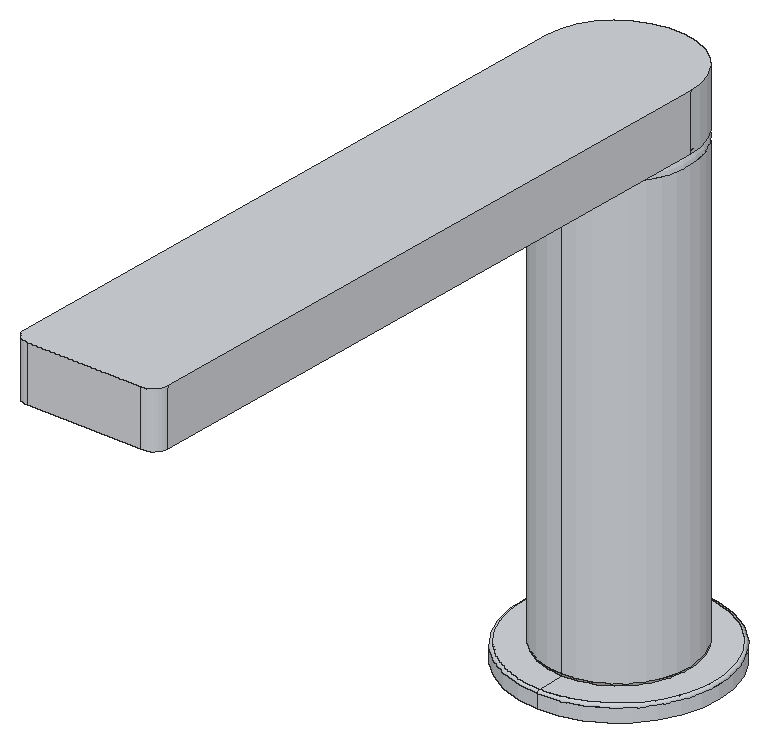
Revit family "Faucet_Touchless-Lavatory-KOHLER-Composed-K-104C37", category Plumbing Fixtures, host Face, Revit 2015
Parameters (values of type "CP-Polished Chrome")
  Width = 2"  # constant formula
  WaterSense Certified = 1 = 0  # no
  Waste Water Outlet = "Waste Water Outlet"  # constant formula
  Waste Connection = 1 = 0  # no
  Vent Connection = 1 = 0  # no
  URL = "https://www.us.kohler.com/us/"
  Spout Reach = Length  # 5 13/16"
  Product Page URL = "http://www.us.kohler.com/us/catalog/productDetails.jsp?productNumber=104C37-SANA"
  Product Name = "Composed"  # constant formula
  Product Documentation Link = "https://www.us.kohler.com/webassets/kpna/catalog/pdf/en/K-104C37-SANA_spec.pdf"
  Pressure = 60.00 psi  # constant formula
  Model = "K-104C37-SANA-CP"  # constant formula
  Material = "Metal Construction"  # constant formula
  MasterFormat 2004 = "22.41.39"  # constant formula
  MasterFormat 1995 = "15410"  # constant formula
  Manufacturer Address = "444 Highland Dr, Kohler, WI 53044"  # constant formula
  Manufacturer = "KOHLER Co."  # constant formula
  Length = 5 13/16"  # constant formula
  Hot Water Inlet = "Hot Water Inlet"  # constant formula
  Height = 5 1/2"  # constant formula
  HW Connection = 1 = 1  # yes
  Flow Rate = 0.5 GPM  # constant formula
  Finish = Kohler-Metal-CP-Polished_Chrome
  Environmental Product Declaration = ""
  Drain Included = 1 = 1  # yes
  Description = "Touchless bathroom sink faucet with Kinesis sensor technology and mixer, DC-powered"  # constant formula
  Default Elevation = 36"
  Declare Label = ""
  Date Modified = "01/29/2019"  # constant formula
  Date Created = "01/29/2019"  # constant formula
  Copyright = "Copyright KOHLER Co."  # constant formula
  Contact Us = "https://www.us.kohler.com/us/static/contact.jsp"
  Cold Water Inlet = "Cold Water Inlet"  # constant formula
  CW Connection = 1 = 1  # yes
  Assembly Code = "D2010"
  ADA Compliant = 1 = 1  # yes
Reference planes (in)
  plane 1 "Center (Front/Back)": y = 0
  plane 2: z = 0
  plane 3 "Center (Left/Right)": x = 0
  plane 4: x = -1
  plane 5: x = 1
  plane 6: z = 5.5
  plane 7: z = 4.875
  plane 8: y = -5.8125
  plane 9: y = 1
  plane 10: y = -1
Dimensions and locks (in)
  "Width": plane 4 to plane 5
  "Length": plane 1 "Center (Front/Back)" to plane 8
  "Height": plane 6 to plane 2
  locked: plane 7 to plane 2 at 4.875
  aligned and locked: host face to plane 2
  aligned and locked: host face to level
Automatic sketch dimensions
  host sketch curve to host sketch curve = 96"  (x2)
Nested families (in)
  nested 1: "K-104C37" at (0, 0, 0), type "K-104C37"
Connectors (in)
  piping at (-0.2759699, 0, 0), diameter 0.375, driven by "Flow Rate", driven by "Pressure", driven by "HW Connection", driven by "Cold Water Inlet"
    settings: on nested 1, index 1, connector inside diameter 24", connector length 0", flow factor 0, pipe flow 0.5 GPM, pressure drop 60.00 psi, fitting loss kfactor 0, connector angle 0.00°, fixture units 0, engagement length 0", angle of deflection 0.00°, flow configuration 1, flow direction 1, fitting loss method 4, system type 19, joint type 0, gender type 0, connector reference index -1, connector utility 1, adjustable connector no, is connector primary yes, connector description "Cold Water Inlet"
  piping at (0.2759699, 0, 0), diameter 0.375, driven by "Flow Rate", driven by "Pressure", driven by "CW Connection", driven by "Cold Water Inlet"
    settings: on nested 1, index 2, connector inside diameter 24", connector length 0", flow factor 0, pipe flow 0.5 GPM, pressure drop 60.00 psi, fitting loss kfactor 0, connector angle 0.00°, fixture units 0, engagement length 0", angle of deflection 0.00°, flow configuration 1, flow direction 1, fitting loss method 4, system type 20, joint type 0, gender type 0, connector reference index -1, connector utility 1, adjustable connector no, is connector primary no, connector description "Cold Water Inlet"
Definition of nested family "K-104C37"
  Parameters (values of type "K-104C37")
    Material = none
  Reference planes (in)
    plane 1 "Center (Front/Back)": y = 0
    plane 2: z = 0
    plane 3 "Center (Left/Right)": x = 0
    plane 4: x = -1
    plane 5: x = 1
    plane 6: y = 1
    plane 7: y = -1
    plane 8: y = -5.8125
    plane 9: z = 5.5
    plane 10: z = 4.875
  Forms (in)
    Revolve 1, solid, material <- "Material", detail levels medium+fine
      sketch origin (0, 0, 0) x (0, 1, 0) y (0, 0, 1)
        loop
          line (0, 0) -> (0, 4.7824803) -> (-0.544109, 4.7824803)
          arc (-0.544109, 4.7824803) -> (-0.6604651, 4.734284) -> (-0.7086614, 4.6179279) r 0.1645524
          line (-0.7086614, 4.6179279) -> (-0.7086614, 0.18107)
          arc (-0.7086614, 0.18107) -> (-0.7017522, 0.1643896) -> (-0.6850717, 0.1574803) r 0.0235897
          line (-0.6850717, 0.1574803) -> (-0.9719121, 0.1574803)
          arc (-0.9719121, 0.1574803) -> (-0.9917732, 0.1492536) -> (-1, 0.1293924) r 0.0280879
          line (-1, 0.1293924) -> (-1, 0) -> (0, 0)
        axis (0, 4.7824803) -> (0, 0)
      angle from 0 to 360
    Extrusion 2, solid, material <- "Material", detail levels medium+fine
      sketch origin (0, 0, 0) x (1, 0, 0) y (0, 1, 0)
        loop
          line (-0.7086614, 0.0012146) -> (-0.7086614, -6.444936)
          arc (-0.7086614, -6.444936) -> (-0.6644123, -6.5517629) -> (-0.5575854, -6.596012) r 0.151076
          line (-0.5575854, -6.596012) -> (0.5563177, -6.596012)
          arc (0.5563177, -6.596012) -> (0.664041, -6.5513916) -> (0.7086614, -6.4436683) r 0.1523438
          line (0.7086614, -6.4436683) -> (0.7086614, 0.0012146)
          arc (0.7086614, 0.0012146) -> (0, 0.709876) -> (-0.7086614, 0.0012146) r 0.7086614
      from 4.5411757 to 6.0929439
    Extrusion 3, void
      sketch origin (0, 0, 0) x (0, 1, 0) y (0, 0, 1)
        loop
          line (0.903988, 5.2398514) -> (0.903988, 6.1945064) -> (-6.612562, 6.1945064) -> (-6.612562, 5.5023351) -> (0.903988, 5.2398514)
        loop
          line (0.903988, 4.6856758) -> (-6.612562, 4.9481595) -> (-6.612562, 4.4356758) -> (0.903988, 4.4356758) -> (0.903988, 4.6856758)
      from -0.8896644 to 0.9573223
    Extrusion 4, void
      sketch origin (0, 0, 0) x (0, 1, 0) y (0, 0, 1)
        loop
          line (0.7915281, 4.689603) -> (0.7915281, 4.967946) -> (-0.8288753, 4.967946) -> (-0.8288753, 4.7461888) -> (0.7915281, 4.689603)
      from -0.8376348 to 0.8524523
    Revolve 5, solid, material <- "Material", detail levels medium+fine
      sketch origin (0, 0, 0) x (0, 1, 0) y (0, 0, 1)
        loop
          line (-5.8125, 4.875) -> (-5.4659123, 4.8013305) -> (-5.453634, 4.8590951) -> (-5.4146293, 4.8508044)
          arc (-5.4146293, 4.8508044) -> (-5.3852571, 4.8562482) -> (-5.3683372, 4.8808668) r 0.0390302
          line (-5.3683372, 4.8808668) -> (-5.3498006, 4.9680749) -> (-5.7735703, 5.0581499) -> (-5.8125, 4.875)
        axis (-5.8125, 4.875) -> (-5.7735703, 5.0581499)
      angle from 0 to 360
    Revolve 6, void
      sketch origin (0, 0, 0) x (0, 1, 0) y (0, 0, 1)
        loop
          line (-6.2393129, 5.1571465) -> (-6.3056465, 4.8450716) -> (-5.8435295, 4.7468456) -> (-5.777196, 5.0589206) -> (-6.2393129, 5.1571465)
        axis (-5.8435295, 4.7468456) -> (-5.777196, 5.0589206)
      angle from 0 to 360
    Sweep 7, solid, detail levels medium+fine
      path origin (0, -0.1755323, -0.1560424) x (1, 0, 0) y (0, 0.999391, -0.034899)
        loop
          line (-0.4724409, -4.4204363) -> (-0.4724409, -4.6947593)
          arc (-0.4724409, -4.6947593) -> (0, -5.1672002) -> (0.4724409, -4.6947593) r 0.4724409
          line (0.4724409, -4.6947593) -> (0.4724409, -4.4204363)
          arc (0.4724409, -4.4204363) -> (0, -3.9479953) -> (-0.4724409, -4.4204363) r 0.4724409
      profile origin (-0.4724409, -4.7303537, 0.0030155) x (1, 0, 0) y (0, 0.034899, 0.999391)
        loop
          line (0, 5.0869223) -> (0, 4.8921985)
          arc (0, 4.8921985) -> (0.0231165, 4.8363902) -> (0.0789248, 4.8132737) r 0.0789248
          line (0.0789248, 4.8132737) -> (0.3224586, 4.8132737) -> (0.3224586, 5.0869223) -> (0, 5.0869223)
    Extrusion 8, solid, detail levels medium+fine
      sketch origin (0, -0.1755323, -0.1560424) x (1, 0, 0) y (0, 0.999391, -0.034899)
        loop
          line (-0.1499823, -4.4204363) -> (-0.1499823, -4.6947593)
          arc (-0.1499823, -4.6947593) -> (0, -4.8447416) -> (0.1499823, -4.6947593) r 0.1499823
          line (0.1499823, -4.6947593) -> (0.1499823, -4.4204363)
          arc (0.1499823, -4.4204363) -> (0, -4.270454) -> (-0.1499823, -4.4204363) r 0.1499823
      from 4.8132737 to 5.0869223
    Revolve 9, solid, material <- "Material", detail levels coarse
      sketch origin (0, 0, 0) x (0, 1, 0) y (0, 0, 1)
        loop
          line (0, 0) -> (0, 4.732736) -> (-0.7086613, 4.732736) -> (-0.7086613, 0.2685076) -> (-1, 0.2685076) -> (-1, 0) -> (0, 0)
        axis (0, 4.732736) -> (0, 0)
      angle from 0 to 360
    Extrusion 10, solid, material <- "Material", detail levels coarse
      sketch origin (0, 0, 0) x (1, 0, 0) y (0, 1, 0)
        loop
          line (-0.7086614, 0.0012146) -> (-0.7086614, -6.596012) -> (0.7086614, -6.596012) -> (0.7086614, 0.0012146)
          arc (0.7086614, 0.0012146) -> (0, 0.709876) -> (-0.7086614, 0.0012146) r 0.7086614
      from 4.732736 to 5.516422
    Extrusion 11, solid, material <- "Material", detail levels medium+fine
      sketch origin (0, 0, 0) x (1, 0, 0) y (0, 1, 0)
        loop
          circle (-0.2759699, 0) r 0.125
        loop
          circle (0.2759699, 0) r 0.125
      from 0 to 0.0523663
  Cuts and joins
    Extrusion 4 cuts Revolve 1
    Extrusion 3, Revolve 6 cuts Extrusion 2
    joined: Revolve 1, Extrusion 2, Revolve 5
    joined: Sweep 7, Extrusion 8
    joined: Revolve 9, Extrusion 10
  Lines and regions (in)
    Masking region 1
      outline origin (0, 0, 0) x (0, 1, 0) y (0, 0, 1)
        loop
          line (-1, 0) -> (1, 0) -> (1, 0.1278854)
          arc (1, 0.1278854) -> (0.9913319, 0.1488122) -> (0.9704051, 0.1574803) r 0.0295949
          line (0.9704051, 0.1574803) -> (0.6850717, 0.1574803)
          arc (0.6850717, 0.1574803) -> (0.7019645, 0.1669842) -> (0.7086613, 0.1851733) r 0.0280499
          line (0.7086613, 0.1851733) -> (0.7086613, 4.6643988)
          arc (0.7086613, 4.6643988) -> (0.7036108, 4.6815142) -> (0.6900775, 4.6931457) r 0.031526
          arc (0.6900775, 4.6931457) -> (0.7044288, 4.7047864) -> (0.7098267, 4.7224592) r 0.0316294
          line (0.7098267, 4.7224592) -> (0.7098267, 5.2448745) -> (-6.596012, 5.5) -> (-6.596012, 4.9475816) -> (-6.0670701, 4.9291105) -> (-5.4659123, 4.8013305) -> (-5.453634, 4.8590951) -> (-5.4022828, 4.8481801)
          arc (-5.4022828, 4.8481801) -> (-5.3824156, 4.8518622) -> (-5.370971, 4.8685142) r 0.0263998
          line (-5.370971, 4.8685142) -> (-5.3633146, 4.9045349) -> (-5.1684212, 4.897729)
          arc (-5.1684212, 4.897729) -> (-5.1422762, 4.8513247) -> (-5.0927312, 4.8317743) r 0.0796469
          line (-5.0927312, 4.8317743) -> (-4.0352436, 4.794846)
          arc (-4.0352436, 4.794846) -> (-3.9834382, 4.8107571) -> (-3.9525247, 4.855269) r 0.0829212
          line (-3.9525247, 4.855269) -> (-0.6454879, 4.7397847)
          arc (-0.6454879, 4.7397847) -> (-0.6904027, 4.7185294) -> (-0.7086613, 4.6723152) r 0.0676156
          line (-0.7086613, 4.6723152) -> (-0.7086613, 0.1851733)
          arc (-0.7086613, 0.1851733) -> (-0.7019645, 0.1669842) -> (-0.6850717, 0.1574803) r 0.0280499
          line (-0.6850717, 0.1574803) -> (-0.9704051, 0.1574803)
          arc (-0.9704051, 0.1574803) -> (-0.9913319, 0.1488122) -> (-1, 0.1278854) r 0.0295949
          line (-1, 0.1278854) -> (-1, 0)
    Masking region 2
      outline origin (0, 0, 0) x (1, 0, 0) y (0, 0, 1)
        loop
          line (1, 0) -> (1, 0.1306397)
          arc (1, 0.1306397) -> (0.9921386, 0.1496189) -> (0.9731593, 0.1574803) r 0.0268407
          line (0.9731593, 0.1574803) -> (0.6850717, 0.1574803)
          arc (0.6850717, 0.1574803) -> (0.7018232, 0.1651884) -> (0.7086603, 0.1823138) r 0.0248664
          line (0.7086603, 0.1823138) -> (0.7086603, 4.6698931)
          arc (0.7086603, 4.6698931) -> (0.6978357, 4.7003753) -> (0.6702106, 4.7172035) r 0.0483314
          arc (0.6702106, 4.7172035) -> (0.6972775, 4.7272519) -> (0.7086564, 4.7537868) r 0.0366284
          line (0.7086564, 4.7537868) -> (0.7086564, 5.4648438)
          arc (0.7086564, 5.4648438) -> (0.6983594, 5.489703) -> (0.6735002, 5.5) r 0.0351563
          line (0.6735002, 5.5) -> (-0.6719845, 5.5)
          arc (-0.6719845, 5.5) -> (-0.6979155, 5.489259) -> (-0.7086564, 5.4633281) r 0.0366719
          line (-0.7086564, 5.4633281) -> (-0.7086564, 4.7537868)
          arc (-0.7086564, 4.7537868) -> (-0.6972775, 4.7272519) -> (-0.6702106, 4.7172035) r 0.0366284
          arc (-0.6702106, 4.7172035) -> (-0.6978357, 4.7003753) -> (-0.7086603, 4.6698931) r 0.0483314
          line (-0.7086603, 4.6698931) -> (-0.7086603, 0.1823138)
          arc (-0.7086603, 0.1823138) -> (-0.7018232, 0.1651884) -> (-0.6850717, 0.1574803) r 0.0248664
          line (-0.6850717, 0.1574803) -> (-0.9731593, 0.1574803)
          arc (-0.9731593, 0.1574803) -> (-0.9921386, 0.1496189) -> (-1, 0.1306397) r 0.0268407
          line (-1, 0.1306397) -> (-1, 0) -> (1, 0)
    Masking region 3
      outline origin (0, 0, 0) x (1, 0, 0) y (0, 1, 0)
        loop
          arc (-1, 0) -> (-0.924284, -0.3817054) -> (-0.7086019, -0.7056085) r 1
          line (-0.7086019, -0.7056085) -> (-0.7086019, -6.4480621)
          arc (-0.7086019, -6.4480621) -> (-0.6652684, -6.5526785) -> (-0.560652, -6.596012) r 0.1479499
          line (-0.560652, -6.596012) -> (0.5609419, -6.596012)
          arc (0.5609419, -6.596012) -> (0.6653533, -6.5527634) -> (0.7086019, -6.448352) r 0.14766
          line (0.7086019, -6.448352) -> (0.7086019, -0.7056085)
          arc (0.7086019, -0.7056085) -> (0.924284, -0.3817054) -> (1, 0) r 1
          arc (1, 0) -> (0.7071068, 0.7071068) -> (0, 1) r 1
          arc (0, 1) -> (-0.7071068, 0.7071068) -> (-1, 0) r 1
    symbolic lines, detail levels medium+fine
      curve 1: line (0, 0.6900775, 4.6931457) -> (0, -0.6541152, 4.740086)
      curve 2: line (0, -3.9525247, 4.855269) -> (0, -5.1678119, 4.8977078)
      curve 3: line (0, -6.0670701, 4.9291105) -> (0, -5.3633146, 4.9045349)
      curve 4: line (0, -5.453634, 4.8590951) -> (0, -5.7271924, 4.9172418)
      curve 5: line (0, 0.6850717, 0.1574803) -> (0, -0.6850717, 0.1574803)
      curve 6: arc (-0.6702106, 0, 4.7172035) -> (0, 0, 4.7400858) -> (0.6702106, 0, 4.7172035) r 9.8265124
      curve 7: line (-0.7086564, 0, 4.9475816) -> (0.7086564, 0, 4.9475816)
      curve 8: spline (0, 0, 4.8013305) -> (-0.0867906, 0, 4.8035747) -> (-0.1682936, 0, 4.8101704) -> (-0.2395433, 0, 4.8207158) -> (-0.2961989, 0, 4.8345685) -> (-0.3348086, 0, 4.8508845) -> (-0.3530202, 0, 4.8686697) -> (-0.3497241, 0, 4.8868406) -> (-0.3251211, 0, 4.9042901) -> (-0.2807102, 0, 4.9199551) -> (-0.2191971, 0, 4.9328812) -> (-0.1443295, 0, 4.942281) -> (-0.0606686, 0, 4.9475816)
      curve 9: spline (0.0606686, 0, 4.9475816) -> (0.1443295, 0, 4.942281) -> (0.2191971, 0, 4.9328812) -> (0.2807102, 0, 4.9199551) -> (0.3251211, 0, 4.9042901) -> (0.3497241, 0, 4.8868406) -> (0.3530202, 0, 4.8686697) -> (0.3348086, 0, 4.8508845) -> (0.2961989, 0, 4.8345685) -> (0.2395433, 0, 4.8207158) -> (0.1682936, 0, 4.8101704) -> (0.0867906, 0, 4.8035747) -> (0, 0, 4.8013305)
      curve 10: line (-0.3543307, 0, 4.875) -> (-0.3543307, 0, 4.9310672)
      curve 11: spline (-0.4278082, 0, 4.912897) -> (-0.4504798, 0, 4.9149145) -> (-0.465511, 0, 4.9170172) -> (-0.4726512, 0, 4.91917) -> (-0.4717813, 0, 4.921337) -> (-0.4629158, 0, 4.9234819) -> (-0.4462025, 0, 4.9255691) -> (-0.4219203, 0, 4.9275637) -> (-0.3904742, 0, 4.9294325) -> (-0.3523889, 0, 4.9311442) -> (-0.3082997, 0, 4.9326703) -> (-0.258942, 0, 4.9339854) -> (-0.2051393, 0, 4.9350675)
      curve 12: arc (-0.3543307, 0, 4.8933369) -> (-0.3870881, 0, 4.9061721) -> (-0.414642, 0, 4.9280485) r 0.1186557
      curve 13: arc (-0.3946472, 0, 4.9109095) -> (-0.4112349, 0, 4.9117834) -> (-0.4278082, 0, 4.912897) r 1.1496472
      curve 14: arc (-0.3543307, 0, 4.8933369) -> (-0.4099091, 0, 4.8898149) -> (-0.4652548, 0, 4.8836323) r 1.1612082
      curve 15: arc (-0.2027553, 0, 4.7968035) -> (-0.1013831, 0, 4.795221) -> (0, 0, 4.7946934) r 9.7426592
      curve 16: arc (-0.3891994, 0, 4.8066884) -> (-0.2960568, 0, 4.800247) -> (-0.2027553, 0, 4.7968035) r 2.9036325
      curve 17: arc (-0.4719201, 0, 4.8752619) -> (-0.4412982, 0, 4.8280212) -> (-0.3891994, 0, 4.8066884) r 0.0941804
      curve 18: arc (-0.4719201, 0, 4.8752619) -> (-0.4707241, 0, 4.8811485) -> (-0.4652548, 0, 4.8836323) r 0.0066053
      curve 19: line (0.3543307, 0, 4.875) -> (0.3543307, 0, 4.9310672)
      curve 20: spline (0.4278082, 0, 4.912897) -> (0.4504798, 0, 4.9149145) -> (0.465511, 0, 4.9170172) -> (0.4726512, 0, 4.91917) -> (0.4717813, 0, 4.921337) -> (0.4629158, 0, 4.9234819) -> (0.4462025, 0, 4.9255691) -> (0.4219203, 0, 4.9275637) -> (0.3904742, 0, 4.9294325) -> (0.3523889, 0, 4.9311442) -> (0.3082997, 0, 4.9326703) -> (0.258942, 0, 4.9339854) -> (0.2051393, 0, 4.9350675)
      curve 21: arc (0.3543307, 0, 4.8933369) -> (0.3870881, 0, 4.9061721) -> (0.414642, 0, 4.9280485) r 0.1186557
      curve 22: arc (0.3946472, 0, 4.9109095) -> (0.4112349, 0, 4.9117834) -> (0.4278082, 0, 4.912897) r 1.1496472
      curve 23: arc (0.3543307, 0, 4.8933369) -> (0.4099091, 0, 4.8898149) -> (0.4652548, 0, 4.8836323) r 1.1612082
      curve 24: arc (0.2027553, 0, 4.7968035) -> (0.1013831, 0, 4.795221) -> (0, 0, 4.7946934) r 9.7426592
      curve 25: arc (0.3891994, 0, 4.8066884) -> (0.2960568, 0, 4.800247) -> (0.2027553, 0, 4.7968035) r 2.9036325
      curve 26: arc (0.4719201, 0, 4.8752619) -> (0.4412982, 0, 4.8280212) -> (0.3891994, 0, 4.8066884) r 0.0941804
      curve 27: arc (0.4719201, 0, 4.8752619) -> (0.4707241, 0, 4.8811485) -> (0.4652548, 0, 4.8836323) r 0.0066053
      curve 28: line (-0.6850717, 0, 0.1574803) -> (0.6850717, 0, 0.1574803)
      curve 29: line (-0.7086019, -0.7056085, 0) -> (-0.7086019, 0.0012147, 0)
      curve 30: line (0.7086019, -0.7056085, 0) -> (0.7086019, 0.0012147, 0)
      curve 31: arc (-0.7086019, 0.0012147, 0) -> (0, 0.7098166, 0) -> (0.7086019, 0.0012147, 0) r 0.7086019
  Dimensions and locks (in)
    locked: plane 4 to plane 5 at 2
    locked: plane 6 to plane 7 at 2
    locked: plane 1 "Center (Front/Back)" to plane 8 at 5.8125
    locked: plane 9 to plane 2 at 5.5
    locked: plane 10 to plane 2 at 4.875
    aligned and locked: plane 2 to level
